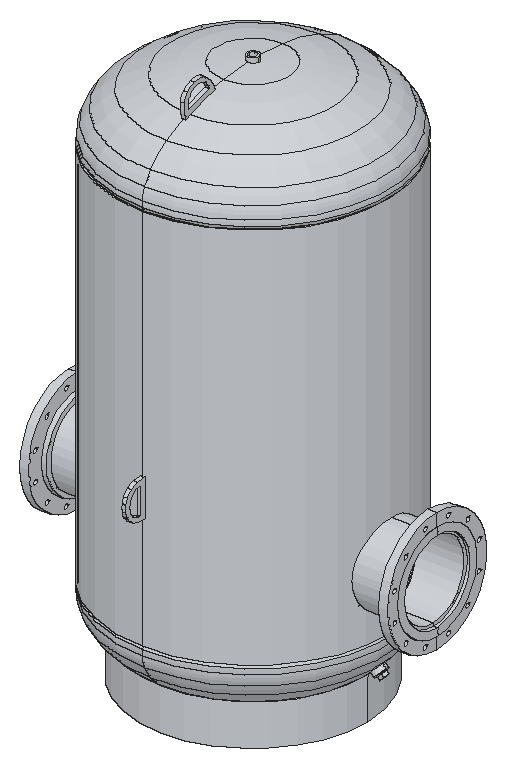
Revit family "CBT-300-10", category Generic Models, Revit 2014
Parameters (values of type "CBT-300-10")
  URL = "http://westank.com/"
  Tank Volume = 300.00 gal
  Part number = 55360300
  Model = "CBT-300-10"
  Maximum Shipping Weight = 555 lbf
  Flange Connector Diameter = 10"
  Description = "Wessels ASME Chilled Water Buffer Tanks (CBT) are designed for chilled water systems with insufficient water volume capacity in relation to the chiller capacity."
  D = 19 1/2"
  C = 30"
  B = 72"
  A = 36"
Reference planes (in)
  plane 1 "Center (Front/Back)": y = 0
  plane 2: z = 0
  plane 3 "Center (Left/Right)": x = 0
  plane 4: x = -15
  plane 5: x = 15
  plane 6: z = 0
  plane 7: z = 72
  plane 8: x = -18
  plane 9: x = 18
  plane 10: z = 19.5
Forms (in)
  Revolve 1, solid
    sketch origin (0, -0.02461, 0) x (0, 1, 0) y (0, 0, 1)
      loop
        line (-17.97559, 11.40987) -> (-17.77585, 11.40987)
        arc (-17.77585, 11.40987) -> (-17.77901, 11.38745) -> (-17.78675, 11.36617) r 0.10832
        line (-17.78675, 11.36617) -> (-17.97559, 10.97899)
        arc (-17.97559, 10.97899) -> (-17.97692, 10.6034) -> (-17.93634, 10.23002) r 3.36112
        arc (-17.93634, 10.23002) -> (-17.83534, 9.45516) -> (-17.56075, 8.72359) r 3.4127
        arc (-17.56075, 8.72359) -> (-17.14884, 7.91952) -> (-16.63227, 7.17835) r 6.68364
        arc (-16.63227, 7.17835) -> (-15.41449, 5.9118) -> (-13.99078, 4.88214) r 9.83519
        arc (-13.99078, 4.88214) -> (-12.33964, 3.99029) -> (-10.62031, 3.23825) r 22.63963
        arc (-10.62031, 3.23825) -> (-7.74153, 2.33452) -> (-4.76815, 1.82164) r 22.63963
        arc (-4.76815, 1.82164) -> (-2.37465, 1.61295) -> (0.02461, 1.4865) r 70.02787
        line (0.02461, 1.4865) -> (0.02461, 1.65848)
        arc (0.02461, 1.65848) -> (-2.3657, 1.78462) -> (-4.75028, 1.99258) r 69.85599
        arc (-4.75028, 1.99258) -> (-7.70109, 2.50157) -> (-10.55801, 3.39844) r 22.46775
        arc (-10.55801, 3.39844) -> (-12.26429, 4.14477) -> (-13.9029, 5.02985) r 22.46775
        arc (-13.9029, 5.02985) -> (-15.30173, 6.04151) -> (-16.49823, 7.28593) r 9.66331
        arc (-16.49823, 7.28593) -> (-17.00303, 8.01057) -> (-17.40515, 8.79685) r 6.51177
        arc (-17.40515, 8.79685) -> (-17.66943, 9.50016) -> (-17.76465, 10.24543) r 3.24083
        arc (-17.76465, 10.24543) -> (-17.80397, 10.58906) -> (-17.80585, 10.93493) r 3.18924
        line (-17.80585, 10.93493) -> (-17.63227, 11.29083)
        arc (-17.63227, 11.29083) -> (-17.60804, 11.35818) -> (-17.59889, 11.42917) r 0.33041
        line (-17.59889, 11.42917) -> (-17.80365, 11.42917) -> (-17.80365, 62.07314) -> (-17.59889, 62.07314)
        arc (-17.59889, 62.07314) -> (-17.60804, 62.14413) -> (-17.63227, 62.21149) r 0.33041
        line (-17.63227, 62.21149) -> (-17.80585, 62.56739)
        arc (-17.80585, 62.56739) -> (-17.80397, 62.91325) -> (-17.76465, 63.25688) r 3.18924
        arc (-17.76465, 63.25688) -> (-17.66943, 64.00215) -> (-17.40515, 64.70547) r 3.24083
        arc (-17.40515, 64.70547) -> (-17.00303, 65.49175) -> (-16.49823, 66.21639) r 6.51177
        arc (-16.49823, 66.21639) -> (-15.30173, 67.4608) -> (-13.9029, 68.47247) r 9.66331
        arc (-13.9029, 68.47247) -> (-12.26429, 69.35755) -> (-10.55801, 70.10388) r 22.46775
        arc (-10.55801, 70.10388) -> (-7.70109, 71.00074) -> (-4.75028, 71.50973) r 22.46775
        arc (-4.75028, 71.50973) -> (-2.3657, 71.71769) -> (0.02461, 71.84383) r 69.85599
        line (0.02461, 71.84383) -> (0.02461, 72.01582)
        arc (0.02461, 72.01582) -> (-2.37465, 71.88936) -> (-4.76815, 71.68068) r 70.02787
        arc (-4.76815, 71.68068) -> (-7.74153, 71.16779) -> (-10.62031, 70.26407) r 22.63963
        arc (-10.62031, 70.26407) -> (-12.33964, 69.51203) -> (-13.99078, 68.62018) r 22.63963
        arc (-13.99078, 68.62018) -> (-15.41449, 67.59052) -> (-16.63227, 66.32397) r 9.83519
        arc (-16.63227, 66.32397) -> (-17.14884, 65.58279) -> (-17.56075, 64.77872) r 6.68364
        arc (-17.56075, 64.77872) -> (-17.83534, 64.04715) -> (-17.93634, 63.2723) r 3.4127
        arc (-17.93634, 63.2723) -> (-17.97692, 62.89891) -> (-17.97559, 62.52332) r 3.36112
        line (-17.97559, 62.52332) -> (-17.78675, 62.13614)
        arc (-17.78675, 62.13614) -> (-17.77901, 62.11486) -> (-17.77585, 62.09244) r 0.10832
        line (-17.77585, 62.09244) -> (-17.97559, 62.09244) -> (-17.97559, 11.40987)
      axis (0.02461, 1.4865) -> (0.02461, 72.01582)
    angle from 0 to 360
  Revolve 2, solid
    sketch origin (-3.00177, 0, 2.50439) x (-1, 0, 0) y (0, 0, 1)
      loop
        line (19.0603, 11.62065) -> (19.0603, 10.99666) -> (19.8103, 10.99666) -> (19.8103, 8.99568) -> (20.937, 8.99568) -> (20.937, 10.62039) -> (20.9995, 10.62039) -> (20.9995, 11.62065) -> (19.0603, 11.62065)
      axis (20.9995, 16.99561) -> (19.0603, 16.99561)
    angle from 0 to 360
  Revolve 3, solid
    sketch origin (1.3301, 0, 3.24654) x (0.990017, 0, -0.140951) y (0.140951, 0, 0.990017)
      loop
        line (14.71753, 6.11956) -> (14.66586, 6.1556) -> (14.25436, 5.56561) -> (14.86992, 5.13627) -> (15.24588, 5.6753) -> (15.19462, 5.71106) -> (15.31904, 5.88945) -> (14.80641, 6.24699) -> (14.71753, 6.11956)
      axis (14.25436, 5.56561) -> (14.86992, 5.13627)
    angle from 0 to 360
  Extrusion 4, solid
    sketch origin (16.3437, -180, 7.27869) x (0.681658, 0, 0.731671) y (0, -1, 0)
      loop
        line (-0.16036, -179.52645) -> (-0.95521, -179.68698) -> (-0.79485, -180.48095) -> (0, -180.32042) -> (-0.16036, -179.52645)
    from 1.02698 to 1.52678
  Extrusion 5, solid
    sketch origin (0, -6.04905, 4.9833) x (0, 1, 0) y (0, 0, 1)
      loop
        line (-11.93439, 21.33067) -> (-11.93439, 26.202)
        arc (-11.93439, 26.202) -> (-12.47846, 26.15164) -> (-13.01533, 26.05008) r 5.77422
        arc (-13.01533, 26.05008) -> (-13.49297, 25.89754) -> (-13.94252, 25.67548) r 3.35288
        arc (-13.94252, 25.67548) -> (-14.34081, 25.36666) -> (-14.64962, 24.96837) r 2.0073
        arc (-14.64962, 24.96837) -> (-14.80343, 24.58932) -> (-14.88788, 24.18906) r 2.30742
        arc (-14.88788, 24.18906) -> (-14.91277, 23.77188) -> (-14.88788, 23.3547) r 3.50846
        arc (-14.88788, 23.3547) -> (-14.79412, 22.92876) -> (-14.61961, 22.52904) r 2.24053
        arc (-14.61961, 22.52904) -> (-14.27401, 22.08806) -> (-13.80999, 21.77406) r 1.8078
        arc (-13.80999, 21.77406) -> (-13.34321, 21.55591) -> (-12.84107, 21.44044) r 2.44481
        arc (-12.84107, 21.44044) -> (-12.39043, 21.36326) -> (-11.93439, 21.33067) r 4.65484
      loop
        arc (-12.44611, 25.63929) -> (-12.67227, 25.60073) -> (-12.89654, 25.55235) r 5.2625
        arc (-12.89654, 25.55235) -> (-13.30128, 25.42308) -> (-13.68221, 25.23491) r 2.84116
        arc (-13.68221, 25.23491) -> (-13.97364, 25.01013) -> (-14.20134, 24.72098) r 1.49558
        arc (-14.20134, 24.72098) -> (-14.3163, 24.43235) -> (-14.37979, 24.12821) r 1.7957
        arc (-14.37979, 24.12821) -> (-14.40106, 23.77188) -> (-14.37979, 23.41555) r 2.99674
        arc (-14.37979, 23.41555) -> (-14.30745, 23.08689) -> (-14.17279, 22.77846) r 1.72881
        arc (-14.17279, 22.77846) -> (-13.91552, 22.45353) -> (-13.56884, 22.22643) r 1.29608
        arc (-13.56884, 22.22643) -> (-13.1779, 22.0402) -> (-12.75531, 21.94566) r 1.9331
        arc (-12.75531, 21.94566) -> (-12.60126, 21.91347) -> (-12.44611, 21.88716) r 4.14312
        line (-12.44611, 21.88716) -> (-12.44611, 25.63929)
    from -0.24366 to 0.25634
  Extrusion 6, solid
    sketch origin (0, -28.53332, 53.09576) x (0, 0.284015, -0.95882) y (0, 0.95882, 0.284015)
      loop
        arc (-11.9298, 25.67102) -> (-12.15596, 25.63246) -> (-12.38023, 25.58408) r 5.2625
        arc (-12.38023, 25.58408) -> (-12.78497, 25.45482) -> (-13.16591, 25.26664) r 2.84116
        arc (-13.16591, 25.26664) -> (-13.45733, 25.04186) -> (-13.68503, 24.75271) r 1.49558
        arc (-13.68503, 24.75271) -> (-13.8, 24.46408) -> (-13.86349, 24.15994) r 1.7957
        arc (-13.86349, 24.15994) -> (-13.88475, 23.80361) -> (-13.86349, 23.44728) r 2.99674
        arc (-13.86349, 23.44728) -> (-13.79114, 23.11862) -> (-13.65649, 22.81019) r 1.72881
        arc (-13.65649, 22.81019) -> (-13.39922, 22.48527) -> (-13.05253, 22.25816) r 1.29608
        arc (-13.05253, 22.25816) -> (-12.66159, 22.07193) -> (-12.239, 21.97739) r 1.9331
        arc (-12.239, 21.97739) -> (-12.08496, 21.94521) -> (-11.9298, 21.91889) r 4.14312
        line (-11.9298, 21.91889) -> (-11.9298, 25.67102)
      loop
        line (-11.1798, 21.34267) -> (-11.1798, 26.18132)
        arc (-11.1798, 26.18132) -> (-12.12256, 26.16802) -> (-13.02719, 25.90227) r 3.48194
        arc (-13.02719, 25.90227) -> (-13.54727, 25.6041) -> (-13.99851, 25.20943) r 3.03185
        arc (-13.99851, 25.20943) -> (-14.28248, 24.55653) -> (-14.39992, 23.8543) r 2.91879
        arc (-14.39992, 23.8543) -> (-14.3348, 23.1787) -> (-14.08611, 22.54717) r 2.44012
        arc (-14.08611, 22.54717) -> (-13.716, 22.08641) -> (-13.21844, 21.76749) r 1.83162
        arc (-13.21844, 21.76749) -> (-12.2207, 21.45151) -> (-11.1798, 21.34267) r 5.1769
    from -0.24366 to 0.25634
  Extrusion 7, solid
    sketch origin (0, 0, 0) x (1, 0, 0) y (0, 1, 0)
      loop
        circle (0, 0) r 0.75
      loop
        circle (0, 0) r 0.5
    from 71.36613 to 72.49354
  Extrusion 8, void
    sketch origin (-3.60333, 0.13917, 2.92385) x (0, 1, 0) y (0, 0, -1)
      loop
        circle (1.71968, -23.46642) r 0.37532
      loop
        circle (6.75231, -18.41951) r 0.37532
      loop
        circle (4.90355, -21.5796) r 0.37532
      loop
        circle (6.72646, -14.72185) r 0.37532
      loop
        circle (1.7568, -9.6708) r 0.37532
      loop
        circle (4.8518, -11.53501) r 0.37532
      loop
        circle (-1.99801, -23.46642) r 0.37532
      loop
        circle (-7.03065, -18.41951) r 0.37532
      loop
        circle (-5.18188, -21.5796) r 0.37532
      loop
        circle (-7.0048, -14.72185) r 0.37532
      loop
        circle (-2.03514, -9.6708) r 0.37532
      loop
        circle (-5.13014, -11.53501) r 0.37532
    from 18.24548 to 21.39667
  Extrusion 9, void
    sketch origin (0, 0, 0) x (1, 0, 0) y (0, 1, 0)
      loop
        circle (0, 0) r 0.5
    from 70.90268 to 73.75579
  Revolve 10, solid
    sketch origin (0, 0, 0) x (1, 0, 0) y (0, 0, 1)
      loop
        line (14.82824, 5.43485) -> (14.82824, 0) -> (15, 0) -> (15, 5.43485) -> (14.82824, 5.43485)
      axis (0, 5.43485) -> (0, 0)
    angle from 0 to 360
  Extrusion 11, void
    sketch origin (0, 0, 1.25376) x (0, 1, 0) y (0, 0, 1)
      loop
        circle (0, 18.24624) r 5
    from -25.54999 to 27.00963
  Revolve 12, solid
    sketch origin (0, 0, 0) x (1, 0, 0) y (0, 0, 1)
      loop
        line (-16.49957, 14.12497) -> (-16.49957, 14.49034) -> (-23.49957, 14.49034) -> (-23.49957, 14.12497) -> (-16.49957, 14.12497)
      axis (-23.49957, 19.5) -> (-16.49957, 19.5)
    angle from 0 to 360
  Revolve 13, solid
    sketch origin (3.00177, 0, 2.50439) x (1, 0, 0) y (0, 0, 1)
      loop
        line (19.0603, 11.62065) -> (19.0603, 10.99666) -> (19.8103, 10.99666) -> (19.8103, 8.99568) -> (20.937, 8.99568) -> (20.937, 10.62039) -> (20.9995, 10.62039) -> (20.9995, 11.62065) -> (19.0603, 11.62065)
      axis (20.9995, 16.99561) -> (19.0603, 16.99561)
    angle from 0 to 360
  Extrusion 14, void
    sketch origin (3.60333, 0.13917, 2.92385) x (0, 1, 0) y (0, 0, 1)
      loop
        circle (1.71968, 23.46642) r 0.37532
      loop
        circle (6.75231, 18.41951) r 0.37532
      loop
        circle (4.90355, 21.5796) r 0.37532
      loop
        circle (6.72646, 14.72185) r 0.37532
      loop
        circle (1.7568, 9.6708) r 0.37532
      loop
        circle (4.8518, 11.53501) r 0.37532
      loop
        circle (-1.99801, 23.46642) r 0.37532
      loop
        circle (-7.03065, 18.41951) r 0.37532
      loop
        circle (-5.18188, 21.5796) r 0.37532
      loop
        circle (-7.0048, 14.72185) r 0.37532
      loop
        circle (-2.03514, 9.6708) r 0.37532
      loop
        circle (-5.13014, 11.53501) r 0.37532
    from 18.24548 to 21.39667
  Revolve 15, solid
    sketch origin (0, 0, 0) x (-1, 0, 0) y (0, 0, 1)
      loop
        line (-16.49957, 14.12497) -> (-16.49957, 14.49034) -> (-23.49957, 14.49034) -> (-23.49957, 14.12497) -> (-16.49957, 14.12497)
      axis (-23.49957, 19.5) -> (-16.49957, 19.5)
    angle from 0 to 360
Cuts and joins
  joined: Extrusion 4, Extrusion 5, Extrusion 6, Extrusion 7, Revolve 10
  Extrusion 9, Extrusion 11, Extrusion 14 cuts Revolve 1
  Extrusion 8, Extrusion 14 cuts Revolve 2
  joined: Revolve 1, Revolve 2
  Extrusion 14 cuts Revolve 13
Dimensions and locks (in)
  "B": plane 7 to level
  "C": plane 5 to plane 4
  "A": plane 9 to plane 8
  "D": plane 10 to level
  aligned and locked: plane 2 to level
  aligned and locked: Revolve 10 sketch curve to plane 3 "Center (Left/Right)"
Automatic sketch dimensions
  Revolve 1 sketch curve to Revolve 1 sketch curve = 0"  (x56)
  Revolve 1 sketch curve to plane 1 "Center (Front/Back)" = 0"  (x3)
  plane 1 "Center (Front/Back)" to Revolve 1 sketch curve = 2.43969"  (x2)
  plane 1 "Center (Front/Back)" to Revolve 1 sketch curve = 8.98663"  (x2)
  Revolve 1 sketch curve to Revolve 1 sketch curve = 2.45782"  (x2)
  Revolve 1 sketch curve to Revolve 1 sketch curve = 3.10417"  (x2)
  Revolve 1 sketch curve to Revolve 1 sketch curve = 0.0964"  (x2)
  Revolve 1 sketch curve to Revolve 1 sketch curve = 2.97849"  (x2)
  Revolve 1 sketch curve to plane 7 = 9.78851"
  Revolve 1 sketch curve to Revolve 1 sketch curve = 0.03338"  (x2)
  Revolve 1 sketch curve to plane 10 = 8.20917"
  Revolve 1 sketch curve to Revolve 1 sketch curve = 0.17696"  (x2)
  Revolve 1 sketch curve to plane 10 = 8.13383"
  Revolve 1 sketch curve to Revolve 1 sketch curve = 0.0109"  (x2)
  Revolve 1 sketch curve to plane 7 = 9.86386"
  Revolve 1 sketch curve to Revolve 1 sketch curve = 0.0278"
  Revolve 1 sketch curve to Revolve 1 sketch curve = 0.17358"  (x2)
  Revolve 1 sketch curve to plane 10 = 8.56507"
  Revolve 1 sketch curve to Revolve 1 sketch curve = 0.08045"  (x2)
  Revolve 1 sketch curve to Revolve 1 sketch curve = 0.04514"  (x2)
  Revolve 1 sketch curve to Revolve 1 sketch curve = 0.04635"
  Revolve 1 sketch curve to plane 10 = 8.52101"
  Revolve 1 sketch curve to Revolve 1 sketch curve = 0.16974"  (x2)
  Revolve 1 sketch curve to plane 7 = 9.47668"
  Revolve 1 sketch curve to plane 7 = 0.52976"
  Revolve 1 sketch curve to plane 1 "Center (Front/Back)" = 2.48565"  (x2)
  Revolve 1 sketch curve to Revolve 1 sketch curve = 0.51151"
  Revolve 1 sketch curve to Revolve 1 sketch curve = 0.49854"  (x2)
  level to Revolve 1 sketch curve = 2.03208"
  level to Revolve 1 sketch curve = 1.65848"
  Revolve 1 sketch curve to Revolve 1 sketch curve = 0.17198"
  Revolve 1 sketch curve to Revolve 1 sketch curve = 0.58254"
  Revolve 1 sketch curve to Revolve 1 sketch curve = 0.0437"
  Revolve 1 sketch curve to Revolve 1 sketch curve = 0.0193"
  Revolve 1 sketch curve to Revolve 1 sketch curve = 1 249/256"  (x2)
  plane 10 to Revolve 1 sketch curve = 4.83865"
  Revolve 1 sketch curve to Revolve 1 sketch curve = 13.04782"
  Revolve 1 sketch curve to Revolve 1 sketch curve = 2.04368"
  Revolve 1 sketch curve to Revolve 1 sketch curve = 0.0695"
  Revolve 1 sketch curve to Revolve 1 sketch curve = 0.02202"
  Revolve 1 sketch curve to Revolve 1 sketch curve = 0.04406"
  Revolve 1 sketch curve to Revolve 1 sketch curve = 0.64986"
  Revolve 1 sketch curve to plane 7 = 0.15617"
  plane 7 to Revolve 1 sketch curve = 0.01582"
  Revolve 1 sketch curve to plane 7 = 1.89612"
  level to Revolve 1 sketch curve = 3 51/128"
  Revolve 1 sketch curve to Revolve 1 sketch curve = 0.06229"  (x2)
  Revolve 1 sketch curve to Revolve 1 sketch curve = 0.90692"  (x2)
  Revolve 1 sketch curve to Revolve 1 sketch curve = 0.1556"  (x2)
  Revolve 1 sketch curve to Revolve 1 sketch curve = 4.55443"
  Revolve 1 sketch curve to Revolve 1 sketch curve = 3 3/4"
  Revolve 2 sketch curve to plane 10 = 0"
  plane 8 to Revolve 2 sketch curve = 4.06207"
  Revolve 2 sketch curve to Revolve 2 sketch curve = 3/4"
  Revolve 2 sketch curve to Revolve 2 sketch curve = 1.1267"
  Revolve 2 sketch curve to Revolve 2 sketch curve = 1/16"
  plane 10 to Revolve 2 sketch curve = 5.37496"
  Revolve 2 sketch curve to Revolve 2 sketch curve = 0.624"
  Revolve 2 sketch curve to Revolve 2 sketch curve = 1.00026"
  Revolve 2 sketch curve to Revolve 2 sketch curve = 1.62472"
  Revolve 2 sketch curve to plane 8 = 0.87364"
  Revolve 2 sketch curve to Revolve 2 sketch curve = 0.68278"
  plane 5 to Revolve 3 sketch curve = 1.22663"
  level to Revolve 3 sketch curve = 6.74742"
  Revolve 3 sketch curve to Revolve 3 sketch curve = 0.4115"
  Revolve 3 sketch curve to Revolve 3 sketch curve = 0.05167"
  Revolve 3 sketch curve to Revolve 3 sketch curve = 0.08888"
  Revolve 3 sketch curve to Revolve 3 sketch curve = 0.61556"
  Revolve 3 sketch curve to Revolve 3 sketch curve = 0.47709"
  Revolve 3 sketch curve to Revolve 3 sketch curve = 0.05126"
  Revolve 3 sketch curve to Revolve 3 sketch curve = 0.42934"
  Revolve 3 sketch curve to Revolve 3 sketch curve = 0.12768"
  Revolve 3 sketch curve to Revolve 3 sketch curve = 0"  (x2)
  Revolve 3 sketch curve to Revolve 3 sketch curve = 0.08905"
  plane 1 "Center (Front/Back)" to Extrusion 4 sketch curve = 0.31302"
  Extrusion 4 sketch curve to plane 1 "Center (Front/Back)" = 0.48095"
  Extrusion 4 sketch curve to Extrusion 4 sketch curve = 0.16036"  (x2)
  plane 1 "Center (Front/Back)" to Extrusion 4 sketch curve = 0.47355"
  Extrusion 4 sketch curve to Extrusion 4 sketch curve = 0.79485"
  Extrusion 4 sketch curve to plane 1 "Center (Front/Back)" = 0.32042"
  Extrusion 5 sketch curve to Extrusion 5 sketch curve = 0"  (x24)
  plane 1 "Center (Front/Back)" to Extrusion 5 sketch curve = 19.09014"
  Extrusion 5 sketch curve to Extrusion 5 sketch curve = 0.11966"
  Extrusion 5 sketch curve to Extrusion 5 sketch curve = 0.25819"
  Extrusion 5 sketch curve to Extrusion 5 sketch curve = 17/256"
  Extrusion 5 sketch curve to Extrusion 5 sketch curve = 0.04958"
  Extrusion 5 sketch curve to Extrusion 5 sketch curve = 0.15073"
  Extrusion 5 sketch curve to Extrusion 5 sketch curve = 0.20915"
  Extrusion 5 sketch curve to Extrusion 5 sketch curve = 131/256"
  Extrusion 5 sketch curve to Extrusion 5 sketch curve = 0.10338"
  Extrusion 5 sketch curve to Extrusion 5 sketch curve = 0.25955"
  Extrusion 5 sketch curve to Extrusion 5 sketch curve = 1.14294"
  plane 10 to Extrusion 5 sketch curve = 5.91692"
  Extrusion 5 sketch curve to Extrusion 5 sketch curve = 0.89706"
  Extrusion 5 sketch curve to Extrusion 5 sketch curve = 0.55648"
  Extrusion 5 sketch curve to Extrusion 5 sketch curve = 0.90165"
  Extrusion 5 sketch curve to Extrusion 5 sketch curve = 0.62139"
  Extrusion 5 sketch curve to Extrusion 5 sketch curve = 27/128"
  Extrusion 5 sketch curve to Extrusion 5 sketch curve = 0.15076"
  Extrusion 5 sketch curve to Extrusion 5 sketch curve = 0.24641"
  Extrusion 5 sketch curve to Extrusion 5 sketch curve = 0.04716"
  Extrusion 5 sketch curve to Extrusion 5 sketch curve = 0.0326"
  Extrusion 5 sketch curve to Extrusion 5 sketch curve = 1.7246"
  Extrusion 5 sketch curve to Extrusion 5 sketch curve = 0.34507"
  Extrusion 5 sketch curve to Extrusion 5 sketch curve = 0.21764"
  Extrusion 5 sketch curve to Extrusion 5 sketch curve = 1.12273"
  Extrusion 5 sketch curve to Extrusion 5 sketch curve = 0.78568"
  Extrusion 5 sketch curve to Extrusion 5 sketch curve = 0.24115"
  Extrusion 5 sketch curve to Extrusion 5 sketch curve = 0.2603"
  Extrusion 5 sketch curve to Extrusion 5 sketch curve = 0.60395"
  Extrusion 5 sketch curve to Extrusion 5 sketch curve = 0.51913"
  Extrusion 5 sketch curve to Extrusion 5 sketch curve = 0.44682"
  Extrusion 5 sketch curve to Extrusion 5 sketch curve = 0.44829"
  Extrusion 7 sketch curve to Extrusion 7 sketch curve = 0"  (x2)
  plane 1 "Center (Front/Back)" to Extrusion 7 sketch curve = 0"
  Extrusion 7 sketch curve to plane 3 "Center (Left/Right)" = 0"
  plane 10 to Extrusion 8 sketch curve = 1.84336"  (x2)
  plane 1 "Center (Front/Back)" to Extrusion 8 sketch curve = 6.89148"
  Extrusion 8 sketch curve to Extrusion 8 sketch curve = 0.02585"
  Extrusion 8 sketch curve to Extrusion 8 sketch curve = 1.84877"  (x2)
  Extrusion 8 sketch curve to Extrusion 8 sketch curve = 1.87466"  (x2)
  plane 1 "Center (Front/Back)" to Extrusion 8 sketch curve = 1.89597"
  plane 1 "Center (Front/Back)" to Extrusion 8 sketch curve = 1.85884"
  Extrusion 8 sketch curve to plane 1 "Center (Front/Back)" = 1.85884"
  Extrusion 8 sketch curve to plane 1 "Center (Front/Back)" = 1.89597"
  Extrusion 8 sketch curve to Extrusion 8 sketch curve = 3.095"
  Extrusion 8 sketch curve to Extrusion 8 sketch curve = 3.18387"
  plane 10 to Extrusion 8 sketch curve = 5.00345"
  Extrusion 8 sketch curve to Extrusion 8 sketch curve = 3.16009"
  Extrusion 8 sketch curve to Extrusion 8 sketch curve = 1.88682"  (x2)
  Extrusion 8 sketch curve to plane 10 = 1.8543"  (x2)
  Extrusion 8 sketch curve to Extrusion 8 sketch curve = 3.18684"  (x2)
  Extrusion 8 sketch curve to Extrusion 8 sketch curve = 1.86421"  (x2)
  Extrusion 9 sketch curve to Extrusion 9 sketch curve = 0"  (x2)
  plane 1 "Center (Front/Back)" to Extrusion 9 sketch curve = 0"
  Extrusion 9 sketch curve to plane 3 "Center (Left/Right)" = 0"
  Extrusion 9 sketch curve to plane 3 "Center (Left/Right)" = 1/2"
  Revolve 10 sketch curve to level = 0"
  Revolve 10 sketch curve to plane 5 = 0"
  Revolve 10 sketch curve to plane 5 = 0.17176"
  level to Revolve 10 sketch curve = 5.43485"
  level to Revolve 10 sketch curve = 4.69941"
  Revolve 10 sketch curve to Revolve 10 sketch curve = 1"
  Extrusion 11 sketch curve to Extrusion 11 sketch curve = 0"  (x2)
  Extrusion 11 sketch curve to plane 1 "Center (Front/Back)" = 0"
  Extrusion 11 sketch curve to plane 10 = 0"
  Extrusion 11 sketch curve to Extrusion 11 sketch curve = 5"
  Revolve 12 sketch curve to plane 10 = 0"
  Revolve 12 sketch curve to plane 8 = 5.49957"
  Revolve 12 sketch curve to plane 4 = 1.49957"
  Revolve 12 sketch curve to plane 10 = 5.00966"
  Revolve 12 sketch curve to Revolve 12 sketch curve = 0.36536"
  Revolve 12 sketch curve to plane 8 = 2.49957"
  Revolve 12 sketch curve to plane 8 = 0.74957"
  Revolve 13 sketch curve to plane 10 = 0"
  plane 9 to Revolve 13 sketch curve = 4.06207"
  Revolve 13 sketch curve to Revolve 13 sketch curve = 3/4"
  Revolve 13 sketch curve to Revolve 13 sketch curve = 1.1267"
  Revolve 13 sketch curve to Revolve 13 sketch curve = 1/16"
  Revolve 13 sketch curve to plane 10 = 5.37496"
  Revolve 13 sketch curve to Revolve 13 sketch curve = 0.624"
  Revolve 13 sketch curve to Revolve 13 sketch curve = 1.00026"
  Revolve 13 sketch curve to Revolve 13 sketch curve = 1.62472"
  Revolve 13 sketch curve to plane 9 = 0.87364"
  Revolve 13 sketch curve to Revolve 13 sketch curve = 0.68278"
  plane 10 to Extrusion 14 sketch curve = 1.84336"  (x2)
  plane 1 "Center (Front/Back)" to Extrusion 14 sketch curve = 6.89148"
  Extrusion 14 sketch curve to Extrusion 14 sketch curve = 0.02585"
  Extrusion 14 sketch curve to Extrusion 14 sketch curve = 1.84877"  (x2)
  Extrusion 14 sketch curve to Extrusion 14 sketch curve = 1.87466"  (x2)
  plane 1 "Center (Front/Back)" to Extrusion 14 sketch curve = 1.89597"
  plane 1 "Center (Front/Back)" to Extrusion 14 sketch curve = 1.85884"
  Extrusion 14 sketch curve to plane 1 "Center (Front/Back)" = 1.85884"
  Extrusion 14 sketch curve to plane 1 "Center (Front/Back)" = 1.89597"
  Extrusion 14 sketch curve to Extrusion 14 sketch curve = 3.095"
  Extrusion 14 sketch curve to Extrusion 14 sketch curve = 3.18387"
  Extrusion 14 sketch curve to plane 10 = 1.8543"  (x2)
  Extrusion 14 sketch curve to Extrusion 14 sketch curve = 3.18684"  (x2)
  Extrusion 14 sketch curve to Extrusion 14 sketch curve = 1.86421"  (x2)
  Extrusion 14 sketch curve to Extrusion 14 sketch curve = 3.16009"  (x2)
  Extrusion 14 sketch curve to Extrusion 14 sketch curve = 1.88682"  (x2)
  Revolve 15 sketch curve to plane 10 = 0"
  Revolve 15 sketch curve to plane 9 = 5.49957"
  Revolve 15 sketch curve to plane 5 = 1.49957"
  plane 10 to Revolve 15 sketch curve = 5.00966"
  Revolve 15 sketch curve to Revolve 15 sketch curve = 0.36536"
  Revolve 15 sketch curve to plane 9 = 2.49957"
  Revolve 15 sketch curve to plane 9 = 0.74957"
  Extrusion 6 sketch curve to plane 7 = 0.23736"
  plane 1 "Center (Front/Back)" to Extrusion 6 sketch curve = 9.61397"
  Extrusion 6 sketch curve to Extrusion 6 sketch curve = 0.03301"
  Extrusion 6 sketch curve to Extrusion 6 sketch curve = 0.08665"
  Extrusion 6 sketch curve to Extrusion 6 sketch curve = 0.34483"
  Extrusion 6 sketch curve to Extrusion 6 sketch curve = 17/256"
  Extrusion 6 sketch curve to Extrusion 6 sketch curve = 0.04958"
  Extrusion 6 sketch curve to Extrusion 6 sketch curve = 0.06885"
  Extrusion 6 sketch curve to Extrusion 6 sketch curve = 0.15073"
  Extrusion 6 sketch curve to Extrusion 6 sketch curve = 0.36028"
  Extrusion 6 sketch curve to Extrusion 6 sketch curve = 0.06601"
  Extrusion 6 sketch curve to Extrusion 6 sketch curve = 0.11815"
  Extrusion 6 sketch curve to Extrusion 6 sketch curve = 0.47821"
  Extrusion 6 sketch curve to Extrusion 6 sketch curve = 0.6151"
  Extrusion 6 sketch curve to Extrusion 6 sketch curve = 0.1349"
  Extrusion 6 sketch curve to Extrusion 6 sketch curve = 0.01521"
  Extrusion 6 sketch curve to Extrusion 6 sketch curve = 0.02126"
  Extrusion 6 sketch curve to Extrusion 6 sketch curve = 0.59588"
  Extrusion 6 sketch curve to Extrusion 6 sketch curve = 0.3061"
  Extrusion 6 sketch curve to Extrusion 6 sketch curve = 0.31529"
  Extrusion 6 sketch curve to Extrusion 6 sketch curve = 0.0954"
  Extrusion 6 sketch curve to Extrusion 6 sketch curve = 0.80625"
  Extrusion 6 sketch curve to Extrusion 6 sketch curve = 0.57623"
  Extrusion 6 sketch curve to Extrusion 6 sketch curve = 0.87732"
  Extrusion 6 sketch curve to Extrusion 6 sketch curve = 0.00686"
  Extrusion 6 sketch curve to Extrusion 6 sketch curve = 0.20406"
  Extrusion 6 sketch curve to Extrusion 6 sketch curve = 0.59172"
  Extrusion 6 sketch curve to Extrusion 6 sketch curve = 0.09548"
  Extrusion 6 sketch curve to Extrusion 6 sketch curve = 0.07607"
  Extrusion 6 sketch curve to Extrusion 6 sketch curve = 0.15093"
  Extrusion 6 sketch curve to Extrusion 6 sketch curve = 0.04716"
  Extrusion 6 sketch curve to Extrusion 6 sketch curve = 0.0326"
  Extrusion 6 sketch curve to Extrusion 6 sketch curve = 1.7246"
  Extrusion 6 sketch curve to Extrusion 6 sketch curve = 0.34507"
  Extrusion 6 sketch curve to Extrusion 6 sketch curve = 0.16523"
  Extrusion 6 sketch curve to Extrusion 6 sketch curve = 0.33822"
  Extrusion 6 sketch curve to Extrusion 6 sketch curve = 0"  (x6)
  Extrusion 6 sketch curve to Extrusion 6 sketch curve = 0.1659"
  Extrusion 6 sketch curve to Extrusion 6 sketch curve = 0.13872"
  Extrusion 6 sketch curve to Extrusion 6 sketch curve = 0.42962"
  Extrusion 6 sketch curve to Extrusion 6 sketch curve = 0.51913"
  Extrusion 6 sketch curve to Extrusion 6 sketch curve = 0.31348"
  radius of Extrusion 7 sketch curve = 3/4"
  radius of Extrusion 7 sketch curve = 1/2"
  radius of Extrusion 8 sketch curve = 0.37532"  (x12)
  radius of Extrusion 14 sketch curve = 0.37532"  (x12)
Connectors (in)
  piping at (-24.00127, 0, 19.5), diameter 10, driven by "Flange Connector Diameter"
    settings: on Revolve 2, index 2, connector inside diameter 24", connector length 0", flow factor 0, pipe flow 0 GPM, pressure drop 0.00 psi, fitting loss kfactor 0, connector angle 0.00°, fixture units 0, engagement length 0", angle of deflection 0.00°, flow configuration 0, flow direction 0, fitting loss method 0, system type 7, joint type 0, gender type 0, connector reference index 3, connector utility 0, adjustable connector no, is connector primary yes, connector description ""
  piping at (24.00127, 0, 19.5), diameter 10, driven by "Flange Connector Diameter"
    settings: on cut or joined group of Revolve 13, Extrusion 14, index 3, connector inside diameter 24", connector length 0", flow factor 0, pipe flow 0 GPM, pressure drop 0.00 psi, fitting loss kfactor 0, connector angle 0.00°, fixture units 0, engagement length 0", angle of deflection 0.00°, flow configuration 0, flow direction 0, fitting loss method 0, system type 19, joint type 0, gender type 0, connector reference index 2, connector utility 0, adjustable connector no, is connector primary no, connector description ""
